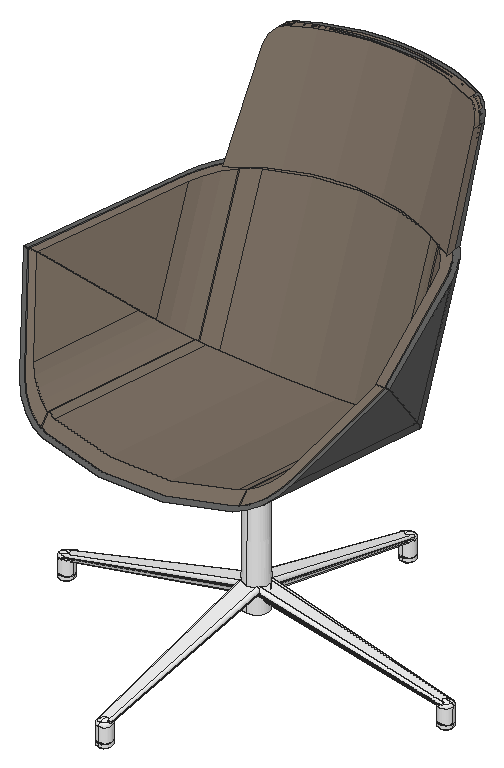
Revit family "Chair-Multi_Purpose-Allermuir-Phoulds PH4", category Furniture, Revit 2012
Parameters (values of type "PH4")
  ecoScorecard_data = "http://thesenatorgroup.ecoscorecard.com/product/PH1"
  ecoScorecard Product Page = "http://products.ecoscorecard.com/allermuir/PH1?action=html"
  White Plastic Back Membrane [instance] = no
  Weight = 18.0 lbf
  Upholstered Seat = ""
  Upholstered Back = ""
  URL = "http://www.allermuir.net/Default.aspx"
  Two Tone Upholstery [instance] = yes
  Swaged Tubular Steel Legs = ""
  Subcategory = "Multi-Purpose"  # constant formula
  Stacks = no
  Specifications URL = ""
  Seat or Base = Fabric - Allermuir - Smooth -Pebbled - Black
  Seat Width = 19 1/4"
  Seat Height = 16 1/8"
  Seat Depth Adjustment = no
  Seat Depth = 18 1/2"
  Seat = Fabric - Allermuir - Smooth -Pebbled - Black
  Product Page URL = "http://www.allermuir.net/Products.aspx?RangeId=502"
  Product Line = "Phoulds"  # constant formula
  Pricing URL = ""
  Polished Aluminum Arm Carrier [instance] = yes
  Plugin Data URL = "http://products.ecoscorecard.com/thesenatorgroup/PH1"
  Plastic Arms in Black = ""
  Pedestal Base = ""
  Overall Width = 23 1/2"
  Overall Height = 35"
  Overall Depth = 22 1/4"
  Optional Feature Notes = "Retracktable linking facility, soft touchh arm pads, polished aluminum frame"
  Negative Seat Tilt = no
  Model = "PH4"  # constant formula
  Manufacturer Toll Free Phone = "(888) 887 5806"  # constant formula
  Manufacturer Phone = "(419) 887 5806"  # constant formula
  Manufacturer Fax = "(419) 887 5805"  # constant formula
  Manufacturer Email = "mailto:contact@allermuir-na.com"
  Manufacturer Address = "1630 Holland Road, Maumee, Ohio 43537 "  # constant formula
  Manufacturer = "Allermuir"  # constant formula
  Lumbar Adjustment [instance] = no
  Leg = Metal - Allermuir - Chrome - Polished
  LEED Stats URL = ""
  Height Adjustable Arms with Multi funtction Pad = no
  Height Adjustable Arms = no
  Glides = Fabric - Allermuir - Smooth -Pebbled - Black
  Glides = Fabric - Allermuir - Smooth -Pebbled - Black
  Fabric Spec Sheets = "http://www.allermuir.net/Services/File.ashx?Type=B&Id=51"
  Detachable writing table = no
  Description = ""
  Cushion = Plastic - Allermuir - Canvas - Brown
  Color Availability = "See price list for material options"
  Caster Options [instance] = "NO"
  CAD Blocks URL = ""
  Brochure URL = ""
  Black Plastic Back Membrane = no
  Black Gas Lift = no
  Black GRP Base = no
  Black Components = yes
  Base or Frame = ""
  Base Type = ""
  Base 2 = yes
  Base = Metal - Allermuir - Chrome - Polished
  Base = Metal - Allermuir - Chrome - Polished
  Back frame with integral arms in a soft touch Plastic [instance] = no
  Assembly Code = "E2020200"
  Arm Height = 25 1/8"
  Airflow Back Mesh = no
  Advanced Sync Tilt with Multi Position Back = no
  95 CSI = "12510"  # constant formula
  2.5" Casters = no
  04 CSI = "12 51 00"  # constant formula
Reference planes (in)
  plane 1 "Center Front/Back": y = 0
  plane 2: z = 0
  plane 3 "Center Left/Right": x = 0
  plane 4: z = 16.125
  plane 5: through (0, -10.22784, 13.88249) normal (0, -0.1219, -0.9925)
  plane 6: x = -11.75
  plane 7: x = 11.75
  plane 8: y = 11.125
  plane 9: y = -11.125
  plane 10: z = 35
  plane 11: z = 25.125
Forms (in)
  Sweep 1, solid, material "Fabric - Allermuir - Smooth -Pebbled - Black" <- "Seat"
    path origin (0, -0.25, -0.75) x (0, 1, 0) y (0, 0, 1)
      loop
        line (-11.89844, 16.3655) -> (9.2707, 14.51344)
    profile origin (0, -1.56387, 14.68947) x (0, 0.087156, 0.996195) y (1, 0, 0)
      loop
        line (10.22646, -14.1297) -> (10.35417, -13.85584) -> (4.13518, -10.19268)
        arc (4.13518, -10.19268) -> (2.67616, -8.88237) -> (1.84056, -7.10827) r 4.94922
        arc (1.84056, -7.10827) -> (0.98083, 0.04523) -> (1.86232, 7.19607) r 29.81321
        arc (1.86232, 7.19607) -> (2.6988, 8.9616) -> (4.15333, 10.26587) r 4.94922
        line (4.15333, 10.26587) -> (10.11837, 13.77945) -> (9.96571, 14.03861) -> (4.00067, 10.52503)
        arc (4.00067, 10.52503) -> (2.45775, 9.14149) -> (1.57043, 7.26867) r 5.25
        arc (1.57043, 7.26867) -> (0.68004, 0.04568) -> (1.54845, -7.17998) r 30.11399
        arc (1.54845, -7.17998) -> (2.43483, -9.0619) -> (3.98253, -10.45185) r 5.25
        line (3.98253, -10.45185) -> (10.22646, -14.1297)
  Extrusion 2, void
    sketch origin (0, 0, 0) x (0, 1, 0) y (0, 0, 1)
      loop
        line (-4.75953, 24.9148) -> (6.57868, 14.34174) -> (10.07868, 14.34174) -> (10.07868, 26.84174) -> (-12.88911, 26.84174) -> (-12.88911, 15.34246) -> (-4.75953, 24.9148)
    from -16.14134 to 16.94603
  Sweep 3, solid, material "Fabric - Allermuir - Smooth -Pebbled - Black" <- "Seat"
    path origin (0, 22.76748, 13.84241) x (0, -0.433838, -0.900991) y (0, -0.900991, 0.433838)
      loop
        line (-11.89844, 16.3655) -> (9.2707, 14.51344)
    profile origin (0, 9.42666, 21.72442) x (0, 0.935374, -0.35366) y (1, 0, 0)
      loop
        spline (-5.4924, -10.45185) -> (-5.03765, -10.25909) -> (-4.60738, -10.0486) -> (-4.20083, -9.81986) -> (-3.81693, -9.57207) -> (-3.45775, -9.30674) -> (-3.12791, -9.02722) -> (-2.8272, -8.73288) -> (-2.5561, -8.42481) -> (-2.31794, -8.10668) -> (-2.11372, -7.77959) -> (-1.9423, -7.4423) -> (-1.80352, -7.09461)
        spline (-1.80352, -7.09461) -> (-1.41658, -5.95002) -> (-1.09827, -4.781) -> (-0.84988, -3.59234) -> (-0.67245, -2.38893) -> (-0.56669, -1.17571) -> (-0.53305, 0.04233) -> (-0.57166, 1.26021) -> (-0.68236, 2.47291) -> (-0.86469, 3.67546) -> (-1.11792, 4.86293) -> (-1.44099, 6.03042) -> (-1.83259, 7.17316)
        spline (-1.83259, 7.17316) -> (-1.97178, 7.52039) -> (-2.1435, 7.85719) -> (-2.34788, 8.18376) -> (-2.58606, 8.50132) -> (-2.8571, 8.80883) -> (-3.15771, 9.1027) -> (-3.48729, 9.38173) -> (-3.84615, 9.64661) -> (-4.22969, 9.894) -> (-4.63579, 10.1224) -> (-5.06554, 10.33256) -> (-5.51967, 10.52503)
        line (-5.51967, 10.52503) -> (-14.62913, 14.09526) -> (-14.74772, 13.79266) -> (-5.7491, 10.26587)
        spline (-5.7491, 10.26587) -> (-5.32075, 10.08432) -> (-4.91542, 9.88607) -> (-4.53239, 9.67062) -> (-4.17067, 9.43723) -> (-3.83225, 9.18735) -> (-3.52145, 8.92412) -> (-3.23801, 8.64688) -> (-2.98248, 8.35677) -> (-2.75797, 8.0572) -> (-2.56536, 7.74912) -> (-2.40357, 7.43137) -> (-2.27247, 7.10379)
        spline (-2.27247, 7.10379) -> (-1.88454, 5.97216) -> (-1.56448, 4.81598) -> (-1.31362, 3.64003) -> (-1.13298, 2.44911) -> (-1.02331, 1.24814) -> (-0.98506, 0.04204) -> (-1.01838, -1.16422) -> (-1.12314, -2.36571) -> (-1.29891, -3.55747) -> (-1.54496, -4.73461) -> (-1.86029, -5.8923) -> (-2.24359, -7.02578)
        spline (-2.24359, -7.02578) -> (-2.37431, -7.35378) -> (-2.53582, -7.67195) -> (-2.7283, -7.9805) -> (-2.95278, -8.28059) -> (-3.20837, -8.57119) -> (-3.49191, -8.84886) -> (-3.80293, -9.11253) -> (-4.14164, -9.36283) -> (-4.50369, -9.59657) -> (-4.88711, -9.81233) -> (-5.29292, -10.01087) -> (-5.72183, -10.19268)
        line (-5.72183, -10.19268) -> (-14.80799, -13.75378) -> (-14.6894, -14.05638) -> (-5.4924, -10.45185)
  Extrusion 4, void
    sketch origin (0, 0, 0) x (0, 1, 0) y (0, 0, 1)
      loop
        line (-4.75953, 24.9148) -> (12.33337, 27.65431) -> (13.49805, 32.00097) -> (-1.1601, 37.3361) -> (-9.16581, 16.4805) -> (5.18886, 11.25583) -> (6.72972, 14.2009) -> (-4.75953, 24.9148)
    from 20.2764 to -20.71072
  Sweep 5, solid, material "Fabric - Allermuir - Smooth -Pebbled - Black" <- "Seat"
    path origin (-0.02347, 23.12518, 13.84241) x (0.000781, -0.433837, -0.900991) y (-0.001623, 0.900989, -0.433838)
      loop
        line (-18.3737, -16.93201) -> (-5.42317, -15.79899) -> (-4.92507, -15.75541)
    profile origin (-0.00621, 13.54202, 31.66276) x (-0.001685, 0.935372, -0.35366) y (0.999998, 0.001801, 0)
      loop
        arc (-3.86573, 9.40569) -> (-1.32683, 0) -> (-3.86573, -9.40569) r 18.69174
        line (-3.86573, -9.40569) -> (-3.51518, -9.55048)
        arc (-3.51518, -9.55048) -> (-0.83787, 0) -> (-3.51518, 9.55048) r 18.37285
        line (-3.51518, 9.55048) -> (-3.86573, 9.40569)
  Sweep 6, solid, material "Plastic - Allermuir - Canvas - Brown" <- "Cushion"
    path origin (0.09758, 22.82449, 13.84241) x (-0.002678, -0.43383, -0.900991) y (0.005562, 0.900974, -0.433838)
      loop
        line (-18.7153, -16.31202) -> (-4.73596, -15.55155)
    profile origin (0.04037, 13.55729, 31.3189) x (0.005699, 0.923209, -0.384256) y (0.999981, -0.006173, 0)
      loop
        arc (-4.30764, 9.32642) -> (-1.94309, -0.00016) -> (-4.30567, -9.32723) r 19.584
        line (-4.30567, -9.32723) -> (-3.86932, -9.50746)
        arc (-3.86932, -9.50746) -> (-1.40683, 0.00594) -> (-3.79429, 9.53845) r 19.91113
        line (-3.79429, 9.53845) -> (-4.30764, 9.32642)
  Sweep 7, solid, material "Plastic - Allermuir - Canvas - Brown" <- "Cushion"
    path origin (0, -0.25, -0.71875) x (0, 1, 0) y (0, 0, 1)
      loop
        line (-11.89844, 16.3655) -> (9.2707, 14.51344)
    profile origin (0, -1.56387, 14.72072) x (0, 0.087156, 0.996195) y (1, 0, 0)
      loop
        line (10.22255, -13.77831) -> (10.4683, -13.2513) -> (4.84462, -9.93879)
        arc (4.84462, -9.93879) -> (3.42173, -8.66094) -> (2.60682, -6.93077) r 4.82665
        arc (2.60682, -6.93077) -> (1.76838, 0.04557) -> (2.62804, 7.01932) r 29.07487
        arc (2.62804, 7.01932) -> (3.44381, 8.74112) -> (4.86231, 10.01309) r 4.82665
        line (4.86231, 10.01309) -> (10.26202, 13.19367) -> (9.96825, 13.6924) -> (4.15094, 10.26584)
        arc (4.15094, 10.26584) -> (2.64623, 8.91656) -> (1.78088, 7.09012) r 5.11998
        arc (1.78088, 7.09012) -> (0.91255, 0.04601) -> (1.75945, -7.0007) r 29.3682
        arc (1.75945, -7.0007) -> (2.62388, -8.83602) -> (4.13325, -10.19154) r 5.11998
        line (4.13325, -10.19154) -> (10.22255, -13.77831)
  Extrusion 8, void
    sketch origin (0, 0, 0) x (1, 0, 0) y (0, 0, 1)
      loop
        line (-7.58883, 29.26654) -> (-7.58883, 16.04692) -> (-7.55758, 16.04692) -> (-7.55758, 29.26654) -> (-7.58883, 29.26654)
    from -14.27915 to 18.22316
  Extrusion 9, void
    sketch origin (0, 0, 0) x (-1, 0, 0) y (0, 0, -1)
      loop
        line (-7.58883, -32.00097) -> (-7.55758, -32.00097) -> (-7.55758, -16.04692) -> (-7.58883, -16.04692) -> (-7.58883, -32.00097)
    from -14.27915 to 18.22316
  Sweep 10, solid, material "Plastic - Allermuir - Canvas - Brown" <- "Cushion"
    path origin (0, 22.01748, 13.84241) x (0, -0.433838, -0.900991) y (0, 0.900991, -0.433838)
      loop
        line (-11.89844, -16.3655) -> (9.2707, -14.51344)
    profile origin (0, 8.67666, 21.72442) x (0, 0.935374, -0.35366) y (1, 0, 0)
      loop
        spline (-5.08918, -10.14231) -> (-4.64354, -9.95341) -> (-4.22188, -9.74714) -> (-3.82347, -9.52298) -> (-3.44725, -9.28015) -> (-3.09526, -9.02013) -> (-2.77203, -8.74621) -> (-2.47734, -8.45776) -> (-2.21166, -8.15586) -> (-1.97828, -7.8441) -> (-1.77814, -7.52355) -> (-1.61016, -7.19302) -> (-1.47415, -6.85229)
        spline (-1.47415, -6.85229) -> (-1.09953, -5.74383) -> (-0.79154, -4.61166) -> (-0.55146, -3.46046) -> (-0.38027, -2.29497) -> (-0.27868, -1.12) -> (-0.24712, 0.05959) -> (-0.28571, 1.23893) -> (-0.3943, 2.41317) -> (-0.57243, 3.57744) -> (-0.81936, 4.72695) -> (-1.13409, 5.85695) -> (-1.51531, 6.96278)
        spline (-1.51531, 6.96278) -> (-1.64957, 7.29769) -> (-1.8152, 7.62256) -> (-2.01234, 7.93755) -> (-2.24207, 8.24385) -> (-2.5035, 8.54046) -> (-2.79345, 8.82391) -> (-3.11135, 9.09304) -> (-3.45749, 9.34853) -> (-3.82742, 9.58716) -> (-4.21913, 9.80745) -> (-4.63364, 10.01016) -> (-5.07167, 10.19581)
        line (-5.07167, 10.19581) -> (-14.28594, 13.80711) -> (-14.50953, 13.23662) -> (-4.93841, 9.48546)
        arc (-4.93841, 9.48546) -> (-3.16873, 8.30613) -> (-2.04926, 6.498) r 5
        arc (-2.04926, 6.498) -> (-0.93367, 0.04985) -> (-2.01629, -6.40392) r 19.4809
        arc (-2.01629, -6.40392) -> (-3.13536, -8.22697) -> (-4.9139, -9.41549) r 5
        line (-4.9139, -9.41549) -> (-14.56774, -13.19907) -> (-14.34415, -13.76956) -> (-5.08918, -10.14231)
  Extrusion 11, void
    sketch origin (0, 0, 0) x (1, 0, 0) y (0, 0, 1)
      loop
        line (8.60524, 26.84917) -> (8.13215, 33.95942)
        arc (8.13215, 33.95942) -> (7.74219, 34.81287) -> (6.88461, 35.19367) r 1.32422
        arc (6.88461, 35.19367) -> (0.03374, 35.39764) -> (-6.81849, 35.24573) r 132.00045
        arc (-6.81849, 35.24573) -> (-7.68094, 34.86951) -> (-8.07577, 34.01542) r 1.32422
        line (-8.07577, 34.01542) -> (-8.57624, 26.85841)
        arc (-8.57624, 26.85841) -> (0.01478, 27.36955) -> (8.60524, 26.84917) r 71.80353
      loop
        line (9.65231, 25.20039) -> (9.65231, 39.70039) -> (-10.47269, 39.70039) -> (-10.47269, 25.20039) -> (9.65231, 25.20039)
    from -15.49215 to -5.98762
  Extrusion 12, solid, material "Metal - Allermuir - Chrome - Polished" <- "Base", visible <- "Base 2"
    sketch origin (0, 2.32732, 14.55375) x (0, 0.996482, -0.083813) y (-1, 0, 0)
      loop
        circle (-2.34349, 0) r 2.95218
    from 0.23477 to 0.63973
  Revolve 13, solid, material "Metal - Allermuir - Chrome - Polished" <- "Base", visible <- "Base 2"
    sketch origin (0, 0, 0) x (0, 1, 0) y (0, 0, 1)
      loop
        line (0.91545, 15.20843) -> (0, 15.20843) -> (0, 3.03886) -> (0.89794, 3.03886) -> (0.78959, 12.79999) -> (0.91545, 12.79999) -> (0.91545, 15.20843)
      axis (0, 15.20843) -> (0, 3.03886)
    angle from 0 to 360
  SweptBlend 14, solid, material "Metal - Allermuir - Chrome - Polished" <- "Base", visible <- "Base 2"
    path origin (0, 0.41515, 15.26006) x (0, 0.99303, 0.117861) y (-1, 0, 0)
      loop
        line (-2.35152, 0) -> (-16.42951, 0)
    profile origin (0, -1.91998, 14.98291) x (1, 0, 0) y (0, -0.117861, 0.99303)
      loop
        arc (-0.58196, -10.10113) -> (-0.7789, -10.19802) -> (-0.84908, -10.40598) r 0.28584
        arc (-0.84908, -10.40598) -> (-0.84517, -10.44526) -> (-0.83886, -10.48422) r 0.64331
        arc (-0.83886, -10.48422) -> (-0.82082, -10.52084) -> (-0.78669, -10.54323) r 0.07755
        arc (-0.78669, -10.54323) -> (-0.418, -10.77549) -> (-0.20431, -11.15525) r 0.88744
        arc (-0.20431, -11.15525) -> (0.00001, -11.31159) -> (0.20433, -11.15525) r 0.21168
        arc (0.20433, -11.15525) -> (0.418, -10.77551) -> (0.78665, -10.54324) r 0.88744
        arc (0.78665, -10.54324) -> (0.82083, -10.52082) -> (0.83888, -10.48416) r 0.07763
        arc (0.83888, -10.48416) -> (0.84513, -10.44563) -> (0.84904, -10.40679) r 0.64331
        arc (0.84904, -10.40679) -> (0.77905, -10.19864) -> (0.58208, -10.10153) r 0.28589
        arc (0.58208, -10.10153) -> (0.00007, -10.08285) -> (-0.58196, -10.10113) r 9.17184
    end profile origin (0, -15.89985, 13.32366) x (1, 0, 0) y (0, -0.117861, 0.99303)
      loop
        arc (-0.30426, -11.64369) -> (-0.40723, -11.69434) -> (-0.44392, -11.80307) r 0.14944
        arc (-0.44392, -11.80307) -> (-0.44188, -11.82361) -> (-0.43858, -11.84397) r 0.33634
        arc (-0.43858, -11.84397) -> (-0.42915, -11.86312) -> (-0.4113, -11.87482) r 0.04054
        arc (-0.4113, -11.87482) -> (-0.21854, -11.99626) -> (-0.10682, -12.1948) r 0.46398
        arc (-0.10682, -12.1948) -> (0, -12.27654) -> (0.10683, -12.1948) r 0.11067
        arc (0.10683, -12.1948) -> (0.21854, -11.99627) -> (0.41128, -11.87483) r 0.46398
        arc (0.41128, -11.87483) -> (0.42915, -11.86311) -> (0.43859, -11.84394) r 0.04059
        arc (0.43859, -11.84394) -> (0.44185, -11.8238) -> (0.4439, -11.8035) r 0.33634
        arc (0.4439, -11.8035) -> (0.40731, -11.69467) -> (0.30433, -11.6439) r 0.14947
        arc (0.30433, -11.6439) -> (0.00003, -11.63413) -> (-0.30426, -11.64369) r 4.79526
  Revolve 15, solid, material "Metal - Allermuir - Chrome - Polished" <- "Base", visible <- "Base 2"
    sketch origin (0, 0, 0) x (0, 1, 0) y (0, 0, 1)
      loop
        line (-14.88865, 0.11054) -> (-14.88865, 0) -> (-14.46724, 0) -> (-14.46724, 1.85456)
        arc (-14.46724, 1.85456) -> (-14.67368, 1.79066) -> (-14.86948, 1.69923) r 1.5829
        arc (-14.86948, 1.69923) -> (-14.96384, 1.60744) -> (-14.99849, 1.48045) r 0.25
        line (-14.99849, 1.48045) -> (-14.99849, 0.39013)
        arc (-14.99849, 0.39013) -> (-14.99417, 0.36841) -> (-14.98187, 0.34999) r 0.05676
        line (-14.98187, 0.34999) -> (-14.95548, 0.32361) -> (-14.99849, 0.32361) -> (-14.99849, 0.11054) -> (-14.88865, 0.11054)
      axis (-14.46724, 1.85456) -> (-14.46724, 0)
    angle from 0 to 360
  SweptBlend 16, solid, material "Metal - Allermuir - Chrome - Polished" <- "Base", visible <- "Base 2"
    path origin (-0.41515, 0, 15.26006) x (-0.99303, 0, 0.117861) y (0, -1, 0)
      loop
        line (-2.35152, 0) -> (-16.42951, 0)
    profile origin (1.91998, 0, 14.98291) x (0, 1, 0) y (0.117861, 0, 0.99303)
      loop
        arc (-0.58196, -10.10113) -> (-0.7789, -10.19802) -> (-0.84908, -10.40598) r 0.28584
        arc (-0.84908, -10.40598) -> (-0.84517, -10.44526) -> (-0.83886, -10.48422) r 0.64331
        arc (-0.83886, -10.48422) -> (-0.82082, -10.52084) -> (-0.78669, -10.54323) r 0.07755
        arc (-0.78669, -10.54323) -> (-0.418, -10.77549) -> (-0.20431, -11.15525) r 0.88744
        arc (-0.20431, -11.15525) -> (0.00001, -11.31159) -> (0.20433, -11.15525) r 0.21168
        arc (0.20433, -11.15525) -> (0.418, -10.77551) -> (0.78665, -10.54324) r 0.88744
        arc (0.78665, -10.54324) -> (0.82083, -10.52082) -> (0.83888, -10.48416) r 0.07763
        arc (0.83888, -10.48416) -> (0.84513, -10.44563) -> (0.84904, -10.40679) r 0.64331
        arc (0.84904, -10.40679) -> (0.77905, -10.19864) -> (0.58208, -10.10153) r 0.28589
        arc (0.58208, -10.10153) -> (0.00007, -10.08285) -> (-0.58196, -10.10113) r 9.17184
    end profile origin (15.89985, 0, 13.32366) x (0, 1, 0) y (0.117861, 0, 0.99303)
      loop
        arc (-0.30426, -11.64369) -> (-0.40723, -11.69434) -> (-0.44392, -11.80307) r 0.14944
        arc (-0.44392, -11.80307) -> (-0.44188, -11.82361) -> (-0.43858, -11.84397) r 0.33634
        arc (-0.43858, -11.84397) -> (-0.42915, -11.86312) -> (-0.4113, -11.87482) r 0.04054
        arc (-0.4113, -11.87482) -> (-0.21854, -11.99626) -> (-0.10682, -12.1948) r 0.46398
        arc (-0.10682, -12.1948) -> (0, -12.27654) -> (0.10683, -12.1948) r 0.11067
        arc (0.10683, -12.1948) -> (0.21854, -11.99627) -> (0.41128, -11.87483) r 0.46398
        arc (0.41128, -11.87483) -> (0.42915, -11.86311) -> (0.43859, -11.84394) r 0.04059
        arc (0.43859, -11.84394) -> (0.44185, -11.8238) -> (0.4439, -11.8035) r 0.33634
        arc (0.4439, -11.8035) -> (0.40731, -11.69467) -> (0.30433, -11.6439) r 0.14947
        arc (0.30433, -11.6439) -> (0.00003, -11.63413) -> (-0.30426, -11.64369) r 4.79526
  SweptBlend 17, solid, material "Metal - Allermuir - Chrome - Polished" <- "Base", visible <- "Base 2"
    path origin (0, -0.41515, 15.26006) x (0, -0.99303, 0.117861) y (1, 0, 0)
      loop
        line (-2.35152, 0) -> (-16.42951, 0)
    profile origin (0, 1.91998, 14.98291) x (-1, 0, 0) y (0, 0.117861, 0.99303)
      loop
        arc (-0.58196, -10.10113) -> (-0.7789, -10.19802) -> (-0.84908, -10.40598) r 0.28584
        arc (-0.84908, -10.40598) -> (-0.84517, -10.44526) -> (-0.83886, -10.48422) r 0.64331
        arc (-0.83886, -10.48422) -> (-0.82082, -10.52084) -> (-0.78669, -10.54323) r 0.07755
        arc (-0.78669, -10.54323) -> (-0.418, -10.77549) -> (-0.20431, -11.15525) r 0.88744
        arc (-0.20431, -11.15525) -> (0.00001, -11.31159) -> (0.20433, -11.15525) r 0.21168
        arc (0.20433, -11.15525) -> (0.418, -10.77551) -> (0.78665, -10.54324) r 0.88744
        arc (0.78665, -10.54324) -> (0.82083, -10.52082) -> (0.83888, -10.48416) r 0.07763
        arc (0.83888, -10.48416) -> (0.84513, -10.44563) -> (0.84904, -10.40679) r 0.64331
        arc (0.84904, -10.40679) -> (0.77905, -10.19864) -> (0.58208, -10.10153) r 0.28589
        arc (0.58208, -10.10153) -> (0.00007, -10.08285) -> (-0.58196, -10.10113) r 9.17184
    end profile origin (0, 15.89985, 13.32366) x (-1, 0, 0) y (0, 0.117861, 0.99303)
      loop
        arc (-0.30426, -11.64369) -> (-0.40723, -11.69434) -> (-0.44392, -11.80307) r 0.14944
        arc (-0.44392, -11.80307) -> (-0.44188, -11.82361) -> (-0.43858, -11.84397) r 0.33634
        arc (-0.43858, -11.84397) -> (-0.42915, -11.86312) -> (-0.4113, -11.87482) r 0.04054
        arc (-0.4113, -11.87482) -> (-0.21854, -11.99626) -> (-0.10682, -12.1948) r 0.46398
        arc (-0.10682, -12.1948) -> (0, -12.27654) -> (0.10683, -12.1948) r 0.11067
        arc (0.10683, -12.1948) -> (0.21854, -11.99627) -> (0.41128, -11.87483) r 0.46398
        arc (0.41128, -11.87483) -> (0.42915, -11.86311) -> (0.43859, -11.84394) r 0.04059
        arc (0.43859, -11.84394) -> (0.44185, -11.8238) -> (0.4439, -11.8035) r 0.33634
        arc (0.4439, -11.8035) -> (0.40731, -11.69467) -> (0.30433, -11.6439) r 0.14947
        arc (0.30433, -11.6439) -> (0.00003, -11.63413) -> (-0.30426, -11.64369) r 4.79526
  Revolve 18, solid, material "Metal - Allermuir - Chrome - Polished" <- "Base", visible <- "Base 2"
    sketch origin (0, 0, 0) x (1, 0, 0) y (0, 0, 1)
      loop
        line (-14.88865, 0.11054) -> (-14.88865, 0) -> (-14.46724, 0) -> (-14.46724, 1.85456)
        arc (-14.46724, 1.85456) -> (-14.67368, 1.79066) -> (-14.86948, 1.69923) r 1.5829
        arc (-14.86948, 1.69923) -> (-14.96384, 1.60744) -> (-14.99849, 1.48045) r 0.25
        line (-14.99849, 1.48045) -> (-14.99849, 0.39013)
        arc (-14.99849, 0.39013) -> (-14.99417, 0.36841) -> (-14.98187, 0.34999) r 0.05676
        line (-14.98187, 0.34999) -> (-14.95548, 0.32361) -> (-14.99849, 0.32361) -> (-14.99849, 0.11054) -> (-14.88865, 0.11054)
      axis (-14.46724, 1.85456) -> (-14.46724, 0)
    angle from 0 to 360
  Revolve 19, solid, material "Metal - Allermuir - Chrome - Polished" <- "Base", visible <- "Base 2"
    sketch origin (0, 0, 0) x (-1, 0, 0) y (0, 0, 1)
      loop
        line (-14.88865, 0.11054) -> (-14.88865, 0) -> (-14.46724, 0) -> (-14.46724, 1.85456)
        arc (-14.46724, 1.85456) -> (-14.67368, 1.79066) -> (-14.86948, 1.69923) r 1.5829
        arc (-14.86948, 1.69923) -> (-14.96384, 1.60744) -> (-14.99849, 1.48045) r 0.25
        line (-14.99849, 1.48045) -> (-14.99849, 0.39013)
        arc (-14.99849, 0.39013) -> (-14.99417, 0.36841) -> (-14.98187, 0.34999) r 0.05676
        line (-14.98187, 0.34999) -> (-14.95548, 0.32361) -> (-14.99849, 0.32361) -> (-14.99849, 0.11054) -> (-14.88865, 0.11054)
      axis (-14.46724, 1.85456) -> (-14.46724, 0)
    angle from 0 to 360
  Revolve 20, solid, material "Metal - Allermuir - Chrome - Polished" <- "Base", visible <- "Base 2"
    sketch origin (0, 0, 0) x (0, -1, 0) y (0, 0, 1)
      loop
        line (-14.88865, 0.11054) -> (-14.88865, 0) -> (-14.46724, 0) -> (-14.46724, 1.85456)
        arc (-14.46724, 1.85456) -> (-14.67368, 1.79066) -> (-14.86948, 1.69923) r 1.5829
        arc (-14.86948, 1.69923) -> (-14.96384, 1.60744) -> (-14.99849, 1.48045) r 0.25
        line (-14.99849, 1.48045) -> (-14.99849, 0.39013)
        arc (-14.99849, 0.39013) -> (-14.99417, 0.36841) -> (-14.98187, 0.34999) r 0.05676
        line (-14.98187, 0.34999) -> (-14.95548, 0.32361) -> (-14.99849, 0.32361) -> (-14.99849, 0.11054) -> (-14.88865, 0.11054)
      axis (-14.46724, 1.85456) -> (-14.46724, 0)
    angle from 0 to 360
  SweptBlend 21, solid, material "Metal - Allermuir - Chrome - Polished" <- "Base", visible <- "Base 2"
    path origin (0.41515, 0, 15.26006) x (0.99303, 0, 0.117861) y (0, 1, 0)
      loop
        line (-2.35152, 0) -> (-16.42951, 0)
    profile origin (-1.91998, 0, 14.98291) x (0, -1, 0) y (-0.117861, 0, 0.99303)
      loop
        arc (0.58196, -10.10113) -> (-0.00007, -10.08285) -> (-0.58208, -10.10153) r 9.17184
        arc (-0.58208, -10.10153) -> (-0.77905, -10.19864) -> (-0.84904, -10.40679) r 0.28589
        arc (-0.84904, -10.40679) -> (-0.84513, -10.44563) -> (-0.83888, -10.48416) r 0.64331
        arc (-0.83888, -10.48416) -> (-0.82083, -10.52082) -> (-0.78665, -10.54324) r 0.07763
        arc (-0.78665, -10.54324) -> (-0.418, -10.77551) -> (-0.20433, -11.15525) r 0.88744
        arc (-0.20433, -11.15525) -> (-0.00001, -11.31159) -> (0.20431, -11.15525) r 0.21168
        arc (0.20431, -11.15525) -> (0.418, -10.77549) -> (0.78669, -10.54323) r 0.88744
        arc (0.78669, -10.54323) -> (0.82082, -10.52084) -> (0.83886, -10.48422) r 0.07755
        arc (0.83886, -10.48422) -> (0.84517, -10.44526) -> (0.84908, -10.40598) r 0.64331
        arc (0.84908, -10.40598) -> (0.7789, -10.19802) -> (0.58196, -10.10113) r 0.28584
    end profile origin (-15.89985, 0, 13.32366) x (0, -1, 0) y (-0.117861, 0, 0.99303)
      loop
        arc (0.30426, -11.64369) -> (-0.00003, -11.63413) -> (-0.30433, -11.6439) r 4.79526
        arc (-0.30433, -11.6439) -> (-0.40731, -11.69467) -> (-0.4439, -11.8035) r 0.14947
        arc (-0.4439, -11.8035) -> (-0.44185, -11.8238) -> (-0.43859, -11.84394) r 0.33634
        arc (-0.43859, -11.84394) -> (-0.42915, -11.86311) -> (-0.41128, -11.87483) r 0.04059
        arc (-0.41128, -11.87483) -> (-0.21854, -11.99627) -> (-0.10683, -12.1948) r 0.46398
        arc (-0.10683, -12.1948) -> (0, -12.27654) -> (0.10682, -12.1948) r 0.11067
        arc (0.10682, -12.1948) -> (0.21854, -11.99626) -> (0.4113, -11.87482) r 0.46398
        arc (0.4113, -11.87482) -> (0.42915, -11.86312) -> (0.43858, -11.84397) r 0.04054
        arc (0.43858, -11.84397) -> (0.44188, -11.82361) -> (0.44392, -11.80307) r 0.33634
        arc (0.44392, -11.80307) -> (0.40723, -11.69434) -> (0.30426, -11.64369) r 0.14944
Cuts and joins
  Extrusion 2 cuts Sweep 1
  Extrusion 4, Extrusion 9 cuts Sweep 3
  Extrusion 2, Extrusion 11 cuts Sweep 5
  Extrusion 2, Extrusion 11 cuts Sweep 6
  Extrusion 2, Extrusion 8, Extrusion 9 cuts Sweep 7
  Extrusion 4, Extrusion 8, Extrusion 9 cuts Sweep 10
Lines and regions (in)
  symbolic lines, style "Chair"
    curve 1: line (6.86822, 7.97789, 0) -> (-7.38002, 7.79109, 0)
    curve 2: spline (-8.42488, 8.09066, 0) -> (-8.62721, 7.88071, 0) -> (-8.82107, 7.66311, 0) -> (-9.00616, 7.43819, 0) -> (-9.1822, 7.2063, 0) -> (-9.34892, 6.9678, 0) -> (-9.50608, 6.72303, 0) -> (-9.65342, 6.47239, 0) -> (-9.79072, 6.21624, 0) -> (-9.91778, 5.95499, 0) -> (-10.03441, 5.68902, 0) -> (-10.14041, 5.41875, 0) -> (-10.23564, 5.14458, 0)
    curve 3: line (-9.7263, 4.8888, 0) -> (-12.99576, -4.78072, 0)
    curve 4: line (-13.58574, -4.75979, 0) -> (-10.23676, 5.14494, 0)
    curve 5: line (-13.94206, -4.75953, 0) -> (-10.45185, 5.37519, 0)
    curve 6: line (-13.59297, -4.75953, 0) -> (-13.94206, -4.75953, 0)
    curve 7: line (-13.58574, -4.75979, 0) -> (-12.99576, -4.78072, 0)
    curve 8: line (-8.54129, 3.45863, 0) -> (-12.95279, -4.65363, 0)
    curve 9: arc (-10.45185, 5.37519, 0) -> (-10.02424, 6.43349, 0) -> (-9.4884, 7.44131, 0) r 10.90969
    curve 10: arc (-9.4884, 7.44131, 0) -> (-9.0465, 8.06728, 0) -> (-8.51744, 8.62156, 0) r 5.20285
    curve 11: line (-10.45185, -9.46166, 0) -> (-13.94206, -4.75953, 0)
    curve 12: line (-13.59297, -4.75953, 0) -> (-10.16862, -9.37294, 0)
    curve 13: line (-13.02141, -4.77981, 0) -> (-9.52339, -9.41992, 0)
    curve 14: line (-7.58883, -10.7427, 0) -> (-7.58883, 7.6724, 0)
    curve 15: spline (8.41051, 8.16627, 0) -> (8.62209, 7.95272, 0) -> (8.82477, 7.73093, 0) -> (9.01824, 7.50126, 0) -> (9.20217, 7.26408, 0) -> (9.37628, 7.01977, 0) -> (9.54026, 6.76873, 0) -> (9.69387, 6.51136, 0) -> (9.83686, 6.24809, 0) -> (9.96898, 5.97933, 0) -> (10.09003, 5.70553, 0) -> (10.19981, 5.42713, 0) -> (10.29814, 5.14458, 0)
    curve 16: line (9.7888, 4.8888, 0) -> (13.0551, -4.77138, 0)
    curve 17: line (13.64824, -4.75979, 0) -> (10.29926, 5.14494, 0)
    curve 18: line (14.00456, -4.75953, 0) -> (10.51435, 5.37519, 0)
    curve 19: line (13.61641, -4.75953, 0) -> (14.00456, -4.75953, 0)
    curve 20: line (13.64824, -4.75979, 0) -> (13.05826, -4.78072, 0)
    curve 21: line (8.60379, 3.45863, 0) -> (13.01529, -4.65363, 0)
    curve 22: arc (10.51435, 5.37519, 0) -> (10.08674, 6.43349, 0) -> (9.5509, 7.44131, 0) r 10.90969
    curve 23: arc (9.5509, 7.44131, 0) -> (9.07568, 8.10737, 0) -> (8.50191, 8.69069, 0) r 5.20285
    curve 24: line (10.52503, -9.44726, 0) -> (14.00456, -4.75953, 0)
    curve 25: line (13.61641, -4.75953, 0) -> (10.10794, -9.48398, 0)
    curve 26: line (13.0551, -4.77138, 0) -> (9.66364, -9.27015, 0)
    curve 27: line (7.5931, -10.74146, 0) -> (7.5931, 7.6579, 0)
    curve 28: line (-7.18051, -11.39293, 0) -> (-10.45185, -9.46166, 0)
    curve 29: spline (7.26933, -11.37541, 0) -> (6.09287, -11.58889, 0) -> (4.90158, -11.76454, 0) -> (3.69834, -11.90194, 0) -> (2.4861, -12.00074, 0) -> (1.26781, -12.06072, 0) -> (0.04643, -12.08171, 0) -> (-1.17506, -12.06368, 0) -> (-2.39369, -12.00666, 0) -> (-3.6065, -11.9108, 0) -> (-4.81052, -11.77632, 0) -> (-6.00282, -11.60356, 0) -> (-7.18051, -11.39293, 0)
    curve 30: line (10.52503, -9.44726, 0) -> (7.26933, -11.37541, 0)
    curve 31: spline (-7.10818, -11.16125, 0) -> (-5.94236, -11.36973, 0) -> (-4.76208, -11.54074, 0) -> (-3.5702, -11.67385, 0) -> (-2.36963, -11.76874, 0) -> (-1.16329, -11.82518, 0) -> (0.04588, -11.84303, 0) -> (1.25494, -11.82225, 0) -> (2.46095, -11.76289, 0) -> (3.66096, -11.6651, 0) -> (4.85207, -11.5291, 0) -> (6.03135, -11.35524, 0) -> (7.19596, -11.14394, 0)
    curve 32: arc (-10.16493, -9.37021, 0) -> (-8.81914, -10.57734, 0) -> (-7.10818, -11.16125, 0) r 4.52472
    curve 33: arc (10.10794, -9.48398, 0) -> (8.80938, -10.59012, 0) -> (7.19596, -11.14394, 0) r 4.57686
    curve 34: spline (-9.52339, -9.41992, 0) -> (-9.43397, -9.53101, 0) -> (-9.33864, -9.64008, 0) -> (-9.23751, -9.747, 0) -> (-9.13071, -9.85165, 0) -> (-9.01837, -9.9539, 0) -> (-8.90063, -10.05363, 0) -> (-8.77762, -10.15071, 0) -> (-8.6495, -10.24502, 0) -> (-8.51643, -10.33645, 0) -> (-8.37856, -10.42488, 0) -> (-8.23607, -10.51022, 0) -> (-8.08912, -10.59236, 0)
    curve 35: arc (-8.08912, -10.59236, 0) -> (0, -11.82118, 0) -> (8.08912, -10.59236, 0) r 27.23895
    curve 36: arc (-7.15466, 4.555, 0) -> (0.03125, 5.51392, 0) -> (7.21716, 4.555, 0) r 27.404
    curve 37: arc (7.21716, 4.555, 0) -> (8.02265, 4.14869, 0) -> (8.60379, 3.45863, 0) r 2.25
    curve 38: arc (-8.54129, 3.45863, 0) -> (-7.96015, 4.14869, 0) -> (-7.15466, 4.555, 0) r 2.25
    curve 39: arc (9.66364, -9.27015, 0) -> (8.95151, -10.02072, 0) -> (8.08912, -10.59236, 0) r 4.58151
    curve 40: arc (-9.7263, 4.8888, 0) -> (-8.84662, 6.57719, 0) -> (-7.38002, 7.79109, 0) r 4.80245
    curve 41: arc (9.7888, 4.8888, 0) -> (8.71031, 6.79432, 0) -> (6.86822, 7.97789, 0) r 4.5622
    curve 42: line (-7.62117, 11.38816, 0) -> (7.59514, 11.40379, 0)
    curve 43: line (-7.62117, 11.76312, 0) -> (7.59514, 11.80718, 0)
    curve 44: line (-8.53648, 10.48076, 0) -> (-7.62117, 11.38816, 0)
    curve 45: line (-8.53648, 10.87516, 0) -> (-7.62117, 11.76312, 0)
    curve 46: line (-7.62117, 12.2532, 0) -> (-8.53648, 11.35518, 0)
    curve 47: line (8.51178, 11.40483, 0) -> (7.59514, 12.29667, 0)
    curve 48: line (7.59514, 11.40379, 0) -> (8.51178, 10.49729, 0)
    curve 49: line (-8.26602, 7.17947, 0) -> (-8.53648, 8.73076, 0)
    curve 50: line (8.51178, 8.74729, 0) -> (8.24592, 7.22192, 0)
    curve 51: line (7.59514, 11.80718, 0) -> (8.51178, 10.92542, 0)
    curve 52: line (8.51178, 8.74729, 0) -> (8.51178, 11.40483, 0)
    curve 53: line (-8.53648, 8.73076, 0) -> (-8.53648, 11.35518, 0)
    curve 54: arc (-7.62117, 12.2532, 0) -> (-0.01851, 14.19762, 0) -> (7.59514, 12.29667, 0) r 16.01436
  symbolic lines, style "Chair", visible <- "Base 2"
    curve 55: line (-12.10724, 0.50587, 0) -> (-14.32502, 0.44928, 0)
    curve 56: arc (-14.32502, 0.44928, 0) -> (-14.42198, 0.4426, 0) -> (-14.518, 0.42756, 0) r 1.12271
    curve 57: arc (-14.518, 0.42756, 0) -> (-14.52779, 0.34633, 0) -> (-14.52621, 0.26454, 0) r 0.58854
    curve 58: arc (-14.52621, 0.26454, 0) -> (-14.33172, -0.00118, 0) -> (-14.52779, -0.26574, 0) r 0.27763
    curve 59: arc (-14.52779, -0.26574, 0) -> (-14.52711, -0.34701, 0) -> (-14.51798, -0.42777, 0) r 0.78113
    curve 60: arc (-14.51798, -0.42777, 0) -> (-14.44038, -0.44079, 0) -> (-14.3622, -0.44966, 0) r 1.4778
    curve 61: arc (-14.3622, -0.44966, 0) -> (-13.41072, -0.48122, 0) -> (-12.45922, -0.51213, 0) r 1393.11984
    curve 62: arc (-14.99849, 0, 0) -> (-14.72664, 0.46362, 0) -> (-14.18931, 0.45275, 0) r 0.53125
    curve 63: arc (-14.17602, -0.44431, 0) -> (-14.71974, -0.46741, 0) -> (-14.99849, 0, 0) r 0.53125
    curve 64: line (-0.50667, -12.07575, 0) -> (-0.44928, -14.32502, 0)
    curve 65: arc (-0.44928, -14.32502, 0) -> (-0.4426, -14.42198, 0) -> (-0.42756, -14.518, 0) r 1.12271
    curve 66: arc (-0.42756, -14.518, 0) -> (-0.34633, -14.52779, 0) -> (-0.26454, -14.52621, 0) r 0.58854
    curve 67: arc (-0.26454, -14.52621, 0) -> (0.00118, -14.33172, 0) -> (0.26574, -14.52779, 0) r 0.27763
    curve 68: arc (0.26574, -14.52779, 0) -> (0.34701, -14.52711, 0) -> (0.42777, -14.51798, 0) r 0.78113
    curve 69: arc (0.42777, -14.51798, 0) -> (0.44079, -14.44038, 0) -> (0.44966, -14.3622, 0) r 1.4778
    curve 70: arc (0, -14.99849, 0) -> (-0.46362, -14.72664, 0) -> (-0.45275, -14.18931, 0) r 0.53125
    curve 71: arc (0.45487, -14.1928, 0) -> (0.46261, -14.72842, 0) -> (0, -14.99849, 0) r 0.53125
    curve 72: arc (-0.44295, 14.17395, 0) -> (-0.44853, 14.34657, 0) -> (-0.42756, 14.518, 0) r 1.12271
    curve 73: arc (-0.42756, 14.518, 0) -> (-0.34633, 14.52779, 0) -> (-0.26454, 14.52621, 0) r 0.58854
    curve 74: arc (-0.26454, 14.52621, 0) -> (0.00118, 14.33172, 0) -> (0.26574, 14.52779, 0) r 0.27763
    curve 75: arc (0.26574, 14.52779, 0) -> (0.34701, 14.52711, 0) -> (0.42777, 14.51798, 0) r 0.78113
    curve 76: arc (0.42777, 14.51798, 0) -> (0.4502, 14.35588, 0) -> (0.45456, 14.19229, 0) r 1.4778
    curve 77: arc (0, 14.99849, 0) -> (-0.46799, 14.71866, 0) -> (-0.44295, 14.17395, 0) r 0.53125
    curve 78: arc (0.45456, 14.19229, 0) -> (0.46276, 14.72816, 0) -> (0, 14.99849, 0) r 0.53125
    curve 79: line (0.44966, -14.3622, 0) -> (0.52004, -12.07374, 0)
    curve 80: line (12.22532, 0.50286, 0) -> (14.32502, 0.44928, 0)
    curve 81: arc (14.32502, 0.44928, 0) -> (14.42198, 0.4426, 0) -> (14.518, 0.42756, 0) r 1.12271
    curve 82: arc (14.518, 0.42756, 0) -> (14.52779, 0.34633, 0) -> (14.52621, 0.26454, 0) r 0.58854
    curve 83: arc (14.52621, 0.26454, 0) -> (14.33172, -0.00118, 0) -> (14.52779, -0.26574, 0) r 0.27763
    curve 84: arc (14.52779, -0.26574, 0) -> (14.52711, -0.34701, 0) -> (14.51798, -0.42777, 0) r 0.78113
    curve 85: arc (14.51798, -0.42777, 0) -> (14.44038, -0.44079, 0) -> (14.3622, -0.44966, 0) r 1.4778
    curve 86: arc (14.99849, 0, 0) -> (14.72664, 0.46362, 0) -> (14.18931, 0.45275, 0) r 0.53125
    curve 87: arc (14.17602, -0.44431, 0) -> (14.71974, -0.46741, 0) -> (14.99849, 0, 0) r 0.53125
    curve 88: line (14.17602, -0.44431, 0) -> (12.5283, -0.50991, 0)
Dimensions and locks (in)
  "Seat Height": plane 4 to level
  equal spacing: plane 6, plane 3 "Center Left/Right", plane 7
  "Overall Width": plane 6 to plane 7
  equal spacing: plane 8, plane 1 "Center Front/Back", plane 9
  "Overall Depth": plane 8 to plane 9
  "Overall Height": plane 10 to level
  "Arm Height": plane 11 to level
  aligned and locked: Revolve 13 sketch curve to Revolve 13 sketch curve  (x2)
Automatic sketch dimensions
  Sweep 1 sketch curve to plane 4 = 0.5095"
  plane 9 to Sweep 1 sketch curve = 1 3/128"
  Sweep 1 sketch curve to plane 8 = 2.1043"
  Sweep 1 sketch curve to plane 4 = 2.36156"
  Sweep 1 sketch curve to Sweep 1 sketch curve = 0"  (x10)
  Sweep 1 sketch curve to profile plane = 1.54845"
  Sweep 1 sketch curve to profile plane = 1.57043"
  Sweep 1 sketch curve to Sweep 1 sketch curve = 0.29211"
  Sweep 1 sketch curve to Sweep 1 sketch curve = 2.14197"
  Sweep 1 sketch curve to Sweep 1 sketch curve = 2.13836"
  Sweep 1 sketch curve to Sweep 1 sketch curve = 0.15265"  (x3)
  Sweep 1 sketch curve to Sweep 1 sketch curve = 2.51187"  (x2)
  Sweep 1 sketch curve to Sweep 1 sketch curve = 5.96504"
  Sweep 1 sketch curve to Sweep 1 sketch curve = 6.24393"
  Sweep 1 sketch curve to Sweep 1 sketch curve = 0.1277"
  Sweep 1 sketch curve to profile plane = 0.00012"
  Sweep 1 sketch curve to Sweep 1 sketch curve = 20.43983"
  Sweep 1 sketch curve to profile plane = 5.92826"
  Sweep 1 sketch curve to Sweep 1 sketch curve = 3.66316"
  Sweep 1 sketch curve to Sweep 1 sketch curve = 0.27386"
  Extrusion 2 sketch curve to plane 4 = 0.78254"
  plane 9 to Extrusion 2 sketch curve = 1.76411"
  Extrusion 2 sketch curve to plane 11 = 0.2102"
  plane 1 "Center Front/Back" to Extrusion 2 sketch curve = 4.75953"
  Extrusion 2 sketch curve to plane 4 = 1.78326"
  Extrusion 2 sketch curve to plane 8 = 4.54632"
  Extrusion 2 sketch curve to plane 8 = 1.04632"
  plane 11 to Extrusion 2 sketch curve = 1.71674"
  Sweep 3 sketch curve to plane 8 = 2.0593"
  plane 10 to Sweep 3 sketch curve = 3.33724"
  Sweep 3 sketch curve to Sweep 3 sketch curve = 21.16914"
  Sweep 3 sketch curve to Sweep 3 sketch curve = 1.85206"
  profile plane to Sweep 3 sketch curve = 18.40567"
  profile plane to Sweep 3 sketch curve = 18.12942"
  Sweep 3 sketch curve to Sweep 3 sketch curve = 3.59768"
  Sweep 3 sketch curve to Sweep 3 sketch curve = 3.3817"
  Sweep 3 sketch curve to profile plane = 14.05638"
  Sweep 3 sketch curve to Sweep 3 sketch curve = 0.1186"  (x2)
  profile plane to Sweep 3 sketch curve = 14.09526"
  profile plane to Sweep 3 sketch curve = 5.7491"
  profile plane to Sweep 3 sketch curve = 5.72183"
  Sweep 3 sketch curve to Sweep 3 sketch curve = 0.22943"  (x2)
  profile plane to Sweep 3 sketch curve = 2.27247"
  profile plane to Sweep 3 sketch curve = 2.24359"
  Sweep 3 sketch curve to Sweep 3 sketch curve = 0.43989"
  Sweep 3 sketch curve to Sweep 3 sketch curve = 0.44007"
  Sweep 3 sketch curve to Sweep 3 sketch curve = 4.77051"
  Sweep 3 sketch curve to Sweep 3 sketch curve = 0.3026"
  Sweep 3 sketch curve to Sweep 3 sketch curve = 3.35724"
  Sweep 3 sketch curve to Sweep 3 sketch curve = 0.06883"
  profile plane to Sweep 3 sketch curve = 0.00045"
  profile plane to Sweep 3 sketch curve = 0.00046"
  Sweep 3 sketch curve to Sweep 3 sketch curve = 0.06937"
  Sweep 3 sketch curve to Sweep 3 sketch curve = 3.16208"
  plane 4 to Extrusion 4 sketch curve = 0.3555"
  Extrusion 4 sketch curve to plane 9 = 1.95919"
  Extrusion 4 sketch curve to plane 11 = 0.2102"
  plane 1 "Center Front/Back" to Extrusion 4 sketch curve = 4.75953"
  plane 1 "Center Front/Back" to Extrusion 4 sketch curve = 1.1601"
  Extrusion 4 sketch curve to plane 1 "Center Front/Back" = 5.18886"
  Extrusion 4 sketch curve to plane 4 = 1.9241"
  Extrusion 4 sketch curve to Extrusion 4 sketch curve = 1.54086"
  plane 8 to Extrusion 4 sketch curve = 1.20837"
  plane 8 to Extrusion 4 sketch curve = 2.37305"
  Extrusion 4 sketch curve to Extrusion 4 sketch curve = 2.94507"
  plane 11 to Extrusion 4 sketch curve = 2.52931"
  Extrusion 4 sketch curve to plane 10 = 2.99903"
  plane 10 to Extrusion 4 sketch curve = 2.3361"
  profile plane to Sweep 5 sketch curve = 0"  (x2)
  profile plane to Sweep 5 sketch curve = 20.01857"
  Sweep 5 sketch curve to Sweep 5 sketch curve = 0.80785"
  profile plane to Sweep 5 sketch curve = 3.86573"  (x2)
  Sweep 5 sketch curve to Sweep 5 sketch curve = 0.35055"  (x2)
  Sweep 5 sketch curve to profile plane = 9.40569"
  Sweep 5 sketch curve to Sweep 5 sketch curve = 0.14479"
  Sweep 6 sketch curve to profile plane = 0.00223"
  profile plane to Sweep 6 sketch curve = 21.52709"
  profile plane to Sweep 6 sketch curve = 0.08439"
  Sweep 6 sketch curve to Sweep 6 sketch curve = 0.20929"
  profile plane to Sweep 6 sketch curve = 4.30764"
  profile plane to Sweep 6 sketch curve = 4.30567"
  Sweep 6 sketch curve to Sweep 6 sketch curve = 0.43635"
  Sweep 6 sketch curve to Sweep 6 sketch curve = 0.51336"
  Sweep 6 sketch curve to profile plane = 9.32723"
  Sweep 6 sketch curve to Sweep 6 sketch curve = 0.18023"
  Sweep 7 sketch curve to plane 4 = 0.47825"
  plane 9 to Sweep 7 sketch curve = 1 3/128"
  Sweep 7 sketch curve to plane 8 = 2.1043"
  Sweep 7 sketch curve to plane 4 = 2.33031"
  Sweep 7 sketch curve to profile plane = 1.75945"
  Sweep 7 sketch curve to Sweep 7 sketch curve = 0"  (x5)
  Sweep 7 sketch curve to profile plane = 1.78088"
  Sweep 7 sketch curve to Sweep 7 sketch curve = 0.84737"
  Sweep 7 sketch curve to Sweep 7 sketch curve = 0.84716"
  Sweep 7 sketch curve to Sweep 7 sketch curve = 1.52642"
  Sweep 7 sketch curve to Sweep 7 sketch curve = 1.5229"
  Sweep 7 sketch curve to Sweep 7 sketch curve = 0.71137"  (x2)
  Sweep 7 sketch curve to Sweep 7 sketch curve = 4.12496"
  Sweep 7 sketch curve to Sweep 7 sketch curve = 4.12143"
  Sweep 7 sketch curve to Sweep 7 sketch curve = 9/16"  (x3)
  Sweep 7 sketch curve to Sweep 7 sketch curve = 5.10594"
  Sweep 7 sketch curve to Sweep 7 sketch curve = 5.37793"
  Sweep 7 sketch curve to Sweep 7 sketch curve = 0.29377"
  Sweep 7 sketch curve to Sweep 7 sketch curve = 0.24575"
  profile plane to Sweep 7 sketch curve = 0.00134"  (x2)
  Sweep 7 sketch curve to Sweep 7 sketch curve = 22.98643"
  Sweep 7 sketch curve to profile plane = 5.77998"
  Sweep 7 sketch curve to Sweep 7 sketch curve = 3 5/16"
  Sweep 7 sketch curve to Sweep 7 sketch curve = 0.52701"
  Extrusion 8 sketch curve to plane 4 = 0.07808"
  plane 6 to Extrusion 8 sketch curve = 4.16117"
  Extrusion 8 sketch curve to Extrusion 8 sketch curve = 1/32"
  plane 4 to Extrusion 8 sketch curve = 13.14154"
  plane 4 to Extrusion 9 sketch curve = 0.07808"
  Extrusion 9 sketch curve to plane 7 = 4.16117"
  Extrusion 9 sketch curve to Extrusion 9 sketch curve = 1/32"
  Extrusion 9 sketch curve to plane 4 = 15.87597"
  Sweep 10 sketch curve to plane 8 = 1.3093"
  plane 10 to Sweep 10 sketch curve = 3.33724"
  Sweep 10 sketch curve to Sweep 10 sketch curve = 21.16914"
  Sweep 10 sketch curve to Sweep 10 sketch curve = 1.85206"
  profile plane to Sweep 10 sketch curve = 0.00007"
  profile plane to Sweep 10 sketch curve = 20.4145"
  profile plane to Sweep 10 sketch curve = 0.00044"
  Sweep 10 sketch curve to Sweep 10 sketch curve = 2.7329"
  Sweep 10 sketch curve to profile plane = 13.76956"
  Sweep 10 sketch curve to Sweep 10 sketch curve = 0.22359"  (x2)
  profile plane to Sweep 10 sketch curve = 13.80711"
  profile plane to Sweep 10 sketch curve = 6.7384"
  profile plane to Sweep 10 sketch curve = 6.76291"
  profile plane to Sweep 10 sketch curve = 5.08918"
  profile plane to Sweep 10 sketch curve = 5.07167"
  Sweep 10 sketch curve to Sweep 10 sketch curve = 0.17528"
  Sweep 10 sketch curve to Sweep 10 sketch curve = 0.13326"
  profile plane to Sweep 10 sketch curve = 2.04926"
  Sweep 10 sketch curve to Sweep 10 sketch curve = 0"  (x2)
  profile plane to Sweep 10 sketch curve = 2.01629"
  Sweep 10 sketch curve to Sweep 10 sketch curve = 0.53394"
  Sweep 10 sketch curve to Sweep 10 sketch curve = 0.54213"
  Sweep 10 sketch curve to Sweep 10 sketch curve = 0.57049"
  Sweep 10 sketch curve to Sweep 10 sketch curve = 0.44837"
  Sweep 10 sketch curve to Sweep 10 sketch curve = 0.46478"
  Sweep 10 sketch curve to Sweep 10 sketch curve = 3.17208"
  Sweep 10 sketch curve to Sweep 10 sketch curve = 9.47856"
  plane 11 to Extrusion 11 sketch curve = 0.07539"
  plane 6 to Extrusion 11 sketch curve = 1.27731"
  Extrusion 11 sketch curve to Extrusion 11 sketch curve = 1.89645"
  Extrusion 11 sketch curve to plane 10 = 0.98458"
  plane 6 to Extrusion 11 sketch curve = 3.67423"
  plane 10 to Extrusion 11 sketch curve = 0.24573"
  Extrusion 11 sketch curve to Extrusion 11 sketch curve = 1.25728"
  Extrusion 11 sketch curve to Extrusion 11 sketch curve = 0"  (x2)
  Extrusion 11 sketch curve to Extrusion 11 sketch curve = 1.32099"
  Extrusion 11 sketch curve to plane 3 "Center Left/Right" = 0.46773"
  Extrusion 11 sketch curve to plane 3 "Center Left/Right" = 0.02384"
  Extrusion 11 sketch curve to plane 10 = 1.12849"
  plane 7 to Extrusion 11 sketch curve = 4.93914"
  Extrusion 11 sketch curve to plane 10 = 1.04058"
  plane 11 to Extrusion 11 sketch curve = 1.72417"
  plane 7 to Extrusion 11 sketch curve = 3.14476"
  plane 7 to Extrusion 11 sketch curve = 2.09769"
  Extrusion 11 sketch curve to level = 44.43397"
  plane 10 to Extrusion 11 sketch curve = 4.70039"
  plane 10 to Sweep 6 sketch curve = 2.78149"
  Sweep 6 sketch curve to Sweep 6 sketch curve = 13.97933"
  Sweep 6 sketch curve to Sweep 6 sketch curve = 0.76048"
  plane 10 to Sweep 5 sketch curve = 2.74269"
  Sweep 5 sketch curve to Sweep 5 sketch curve = 12.95053"
  Sweep 5 sketch curve to Sweep 5 sketch curve = 0.4981"
  Sweep 5 sketch curve to Sweep 5 sketch curve = 1.13302"
  Sweep 5 sketch curve to Sweep 5 sketch curve = 0.04358"
  Extrusion 12 sketch curve to plane 3 "Center Left/Right" = 0"
  Revolve 13 sketch curve to plane 1 "Center Front/Back" = 0"
  Revolve 13 sketch curve to plane 1 "Center Front/Back" = 0.78959"
  Revolve 13 sketch curve to Revolve 13 sketch curve = 0.89794"
  Revolve 13 sketch curve to Revolve 13 sketch curve = 0.12586"
  level to Revolve 13 sketch curve = 3.03886"
  Revolve 13 sketch curve to plane 4 = 3.85478"
  Revolve 13 sketch curve to Revolve 13 sketch curve = 0.52977"
  Revolve 13 sketch curve to plane 4 = 0.91657"
  SweptBlend 14 sketch curve to plane 3 "Center Left/Right" = 0"
  SweptBlend 14 sketch curve to SweptBlend 14 sketch curve = 14.07799"
  profile plane to SweptBlend 14 sketch curve = 1.0609"
  profile plane to SweptBlend 14 sketch curve = 0.84908"
  SweptBlend 14 sketch curve to SweptBlend 14 sketch curve = 0"  (x20)
  SweptBlend 14 sketch curve to SweptBlend 14 sketch curve = 0.01022"
  SweptBlend 14 sketch curve to SweptBlend 14 sketch curve = 0.05217"
  SweptBlend 14 sketch curve to SweptBlend 14 sketch curve = 0.07613"
  SweptBlend 14 sketch curve to SweptBlend 14 sketch curve = 0.26712"
  SweptBlend 14 sketch curve to SweptBlend 14 sketch curve = 0.19881"
  profile plane to SweptBlend 14 sketch curve = 0.20728"
  profile plane to SweptBlend 14 sketch curve = 0.20431"
  profile plane to SweptBlend 14 sketch curve = 0.0031"
  SweptBlend 14 sketch curve to profile plane = 0"  (x2)
  SweptBlend 14 sketch curve to profile plane = 0.20433"
  SweptBlend 14 sketch curve to profile plane = 0.2073"
  SweptBlend 14 sketch curve to SweptBlend 14 sketch curve = 0.35654"
  SweptBlend 14 sketch curve to SweptBlend 14 sketch curve = 0.01824"
  SweptBlend 14 sketch curve to SweptBlend 14 sketch curve = 0.19882"
  SweptBlend 14 sketch curve to SweptBlend 14 sketch curve = 0.02399"
  SweptBlend 14 sketch curve to SweptBlend 14 sketch curve = 0.07622"
  SweptBlend 14 sketch curve to SweptBlend 14 sketch curve = 0.01016"
  SweptBlend 14 sketch curve to profile plane = 19.25468"
  profile plane to SweptBlend 14 sketch curve = 0.55466"
  profile plane to SweptBlend 14 sketch curve = 0.44392"
  SweptBlend 14 sketch curve to SweptBlend 14 sketch curve = 0.00535"
  SweptBlend 14 sketch curve to SweptBlend 14 sketch curve = 0.02728"
  SweptBlend 14 sketch curve to SweptBlend 14 sketch curve = 0.0398"
  SweptBlend 14 sketch curve to SweptBlend 14 sketch curve = 0.13966"
  SweptBlend 14 sketch curve to SweptBlend 14 sketch curve = 0.10394"
  profile plane to SweptBlend 14 sketch curve = 0.10837"
  profile plane to SweptBlend 14 sketch curve = 0.10682"
  profile plane to SweptBlend 14 sketch curve = 0.00162"
  SweptBlend 14 sketch curve to profile plane = 0.10683"
  SweptBlend 14 sketch curve to profile plane = 0.10838"
  SweptBlend 14 sketch curve to SweptBlend 14 sketch curve = 0.18641"
  SweptBlend 14 sketch curve to SweptBlend 14 sketch curve = 0.00954"
  SweptBlend 14 sketch curve to SweptBlend 14 sketch curve = 0.10395"
  SweptBlend 14 sketch curve to SweptBlend 14 sketch curve = 0.01254"
  SweptBlend 14 sketch curve to SweptBlend 14 sketch curve = 0.03985"
  SweptBlend 14 sketch curve to SweptBlend 14 sketch curve = 0.00531"
  SweptBlend 14 sketch curve to profile plane = 16.42939"
  Revolve 15 sketch curve to level = 0"
  level to Revolve 15 sketch curve = 0.39013"
  plane 9 to Revolve 15 sketch curve = 3.87349"
  level to Revolve 15 sketch curve = 0.11054"
  Revolve 15 sketch curve to Revolve 15 sketch curve = 0"  (x3)
  Revolve 15 sketch curve to Revolve 15 sketch curve = 0.01662"
  level to Revolve 15 sketch curve = 0.32361"
  Revolve 15 sketch curve to Revolve 15 sketch curve = 0.02639"
  Revolve 15 sketch curve to Revolve 15 sketch curve = 0.05676"
  Revolve 15 sketch curve to Revolve 15 sketch curve = 0.10984"
  Revolve 15 sketch curve to Revolve 15 sketch curve = 0.12901"
  Revolve 15 sketch curve to Revolve 15 sketch curve = 0.12099"
  Revolve 15 sketch curve to Revolve 15 sketch curve = 9/32"
  level to Revolve 15 sketch curve = 0.31404"
  Revolve 15 sketch curve to Revolve 15 sketch curve = 0.36381"
  Revolve 15 sketch curve to Revolve 15 sketch curve = 0.48691"
  Revolve 15 sketch curve to Revolve 15 sketch curve = 0.22288"
  plane 1 "Center Front/Back" to SweptBlend 16 sketch curve = 0"
  SweptBlend 16 sketch curve to SweptBlend 16 sketch curve = 14.07799"
  profile plane to SweptBlend 16 sketch curve = 1.0609"
  profile plane to SweptBlend 16 sketch curve = 0.84908"
  SweptBlend 16 sketch curve to SweptBlend 16 sketch curve = 0"  (x20)
  SweptBlend 16 sketch curve to SweptBlend 16 sketch curve = 0.01022"
  SweptBlend 16 sketch curve to SweptBlend 16 sketch curve = 0.05217"
  SweptBlend 16 sketch curve to SweptBlend 16 sketch curve = 0.07613"
  SweptBlend 16 sketch curve to SweptBlend 16 sketch curve = 0.26712"
  SweptBlend 16 sketch curve to SweptBlend 16 sketch curve = 0.19881"
  profile plane to SweptBlend 16 sketch curve = 0.20728"
  profile plane to SweptBlend 16 sketch curve = 0.20431"
  profile plane to SweptBlend 16 sketch curve = 0.0031"
  SweptBlend 16 sketch curve to profile plane = 0"  (x2)
  SweptBlend 16 sketch curve to profile plane = 0.20433"
  SweptBlend 16 sketch curve to profile plane = 0.2073"
  SweptBlend 16 sketch curve to SweptBlend 16 sketch curve = 0.35654"
  SweptBlend 16 sketch curve to SweptBlend 16 sketch curve = 0.01824"
  SweptBlend 16 sketch curve to SweptBlend 16 sketch curve = 0.19882"
  SweptBlend 16 sketch curve to SweptBlend 16 sketch curve = 0.02399"
  SweptBlend 16 sketch curve to SweptBlend 16 sketch curve = 0.07622"
  SweptBlend 16 sketch curve to SweptBlend 16 sketch curve = 0.01016"
  SweptBlend 16 sketch curve to profile plane = 19.25468"
  profile plane to SweptBlend 16 sketch curve = 0.55466"
  profile plane to SweptBlend 16 sketch curve = 0.44392"
  SweptBlend 16 sketch curve to SweptBlend 16 sketch curve = 0.00535"
  SweptBlend 16 sketch curve to SweptBlend 16 sketch curve = 0.02728"
  SweptBlend 16 sketch curve to SweptBlend 16 sketch curve = 0.01253"
  SweptBlend 16 sketch curve to SweptBlend 16 sketch curve = 0.13966"
  SweptBlend 16 sketch curve to SweptBlend 16 sketch curve = 0.10394"
  profile plane to SweptBlend 16 sketch curve = 0.10837"
  profile plane to SweptBlend 16 sketch curve = 0.10682"
  profile plane to SweptBlend 16 sketch curve = 0.00162"
  SweptBlend 16 sketch curve to profile plane = 0.10683"
  SweptBlend 16 sketch curve to profile plane = 0.10838"
  SweptBlend 16 sketch curve to SweptBlend 16 sketch curve = 0.18641"
  SweptBlend 16 sketch curve to SweptBlend 16 sketch curve = 0.00954"
  SweptBlend 16 sketch curve to SweptBlend 16 sketch curve = 0.10395"
  SweptBlend 16 sketch curve to SweptBlend 16 sketch curve = 0.01254"
  SweptBlend 16 sketch curve to SweptBlend 16 sketch curve = 0.03985"
  SweptBlend 16 sketch curve to SweptBlend 16 sketch curve = 0.00531"
  SweptBlend 16 sketch curve to profile plane = 16.42939"
  SweptBlend 17 sketch curve to plane 3 "Center Left/Right" = 0"
  SweptBlend 17 sketch curve to SweptBlend 17 sketch curve = 14.07799"
  profile plane to SweptBlend 17 sketch curve = 1.0609"
  profile plane to SweptBlend 17 sketch curve = 0.84908"
  SweptBlend 17 sketch curve to SweptBlend 17 sketch curve = 0"  (x20)
  SweptBlend 17 sketch curve to SweptBlend 17 sketch curve = 0.01022"
  SweptBlend 17 sketch curve to SweptBlend 17 sketch curve = 0.05217"
  SweptBlend 17 sketch curve to SweptBlend 17 sketch curve = 0.07613"
  SweptBlend 17 sketch curve to SweptBlend 17 sketch curve = 0.26712"
  SweptBlend 17 sketch curve to SweptBlend 17 sketch curve = 0.19881"
  profile plane to SweptBlend 17 sketch curve = 0.20728"
  profile plane to SweptBlend 17 sketch curve = 0.20431"
  profile plane to SweptBlend 17 sketch curve = 0.0031"
  SweptBlend 17 sketch curve to profile plane = 0"  (x2)
  SweptBlend 17 sketch curve to profile plane = 0.20433"
  SweptBlend 17 sketch curve to profile plane = 0.2073"
  SweptBlend 17 sketch curve to SweptBlend 17 sketch curve = 0.35654"
  SweptBlend 17 sketch curve to SweptBlend 17 sketch curve = 0.01824"
  SweptBlend 17 sketch curve to SweptBlend 17 sketch curve = 0.19882"
  SweptBlend 17 sketch curve to SweptBlend 17 sketch curve = 0.02399"
  SweptBlend 17 sketch curve to SweptBlend 17 sketch curve = 0.07622"
  SweptBlend 17 sketch curve to SweptBlend 17 sketch curve = 0.01016"
  SweptBlend 17 sketch curve to profile plane = 19.25468"
  profile plane to SweptBlend 17 sketch curve = 0.55466"
  profile plane to SweptBlend 17 sketch curve = 0.44392"
  SweptBlend 17 sketch curve to SweptBlend 17 sketch curve = 0.00535"
  SweptBlend 17 sketch curve to SweptBlend 17 sketch curve = 0.02728"
  SweptBlend 17 sketch curve to SweptBlend 17 sketch curve = 0.01253"
  SweptBlend 17 sketch curve to SweptBlend 17 sketch curve = 0.13966"
  SweptBlend 17 sketch curve to SweptBlend 17 sketch curve = 0.10394"
  profile plane to SweptBlend 17 sketch curve = 0.10837"
  profile plane to SweptBlend 17 sketch curve = 0.10682"
  profile plane to SweptBlend 17 sketch curve = 0.00162"
  SweptBlend 17 sketch curve to profile plane = 0.10683"
  SweptBlend 17 sketch curve to profile plane = 0.10838"
  SweptBlend 17 sketch curve to SweptBlend 17 sketch curve = 0.18641"
  SweptBlend 17 sketch curve to SweptBlend 17 sketch curve = 0.00954"
  SweptBlend 17 sketch curve to SweptBlend 17 sketch curve = 0.10395"
  SweptBlend 17 sketch curve to SweptBlend 17 sketch curve = 0.01254"
  SweptBlend 17 sketch curve to SweptBlend 17 sketch curve = 0.03985"
